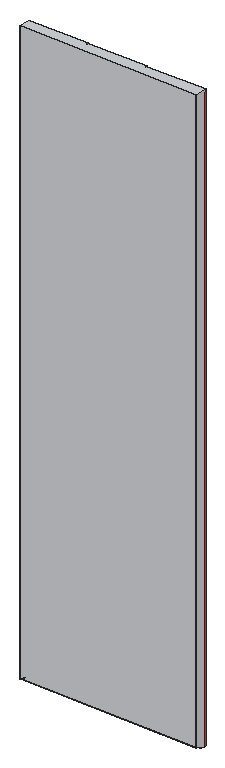
Revit family "GEN_A3-External-Facade-Middle-Panel-01", category Curtain Panels, Revit 2016
Family settings
  OmniClass Number = 23.25.20.14.11.11.17
  OmniClass Title = Infill Panels
  Always vertical = Yes
  Cut with Voids When Loaded = No
  Shared = No
Parameters (values of type "External Facade")
  Panel Thickness = 200 mm
  Panel 1 [instance] = Panel 1
  Fill [instance] = Flex
  Assembly Code = ""
Reference planes
  plane 1 "Center (Front/Back)": y = 0
  plane 2: z = 0
  plane 3 "Center (Left/Right)": x = 0
  plane 4 "Left": x = -1500
  plane 5 "Right": x = 1500
  plane 6 "Top": z = 10000
  plane 7 "face": y = 100
  plane 8: y = -100
  plane 9: x = 500
  plane 10: x = -500
  plane 11: x = 492.5
  plane 12: x = 507.5
  plane 13: x = -492.5
  plane 14: x = -507.5
Forms (mm)
  Extrusion 1, solid
    sketch origin (0, 0, 0) x (0, 1, 0) y (0, 0, 1)
      loop
        line (-100, 10000) -> (-100, 62.859) -> (-87.141, 50) -> (-37, 50) -> (23, 0) -> (90, 0) -> (100, 5) -> (100, 10000) -> (-100, 10000)
    from -1500 to 1500
  Extrusion 2, void
    sketch origin (0, 0, 0) x (1, 0, 0) y (0, 1, 0)
      loop
        line (-1490, -100) -> (-1500, -90) -> (-1500, -100) -> (-1490, -100)
      loop
        line (-1495, 100) -> (-1500, 100) -> (-1500, 85) -> (-1495, 100)
    from 0 to 10000
  Extrusion 3, void
    sketch origin (0, 0, 0) x (1, 0, 0) y (0, 1, 0)
      loop
        line (1490, -100) -> (1500, -100) -> (1500, -90) -> (1490, -100)
      loop
        line (1495, 100) -> (1500, 85) -> (1500, 100) -> (1495, 100)
    from 0 to 10000
  Sweep 4, void
    path origin (0, 100, 0) x (-1, 0, 0) y (0, 0, 1)
      loop
        line (-500, 0) -> (-500, 10000)
    profile "Resess Profile : Resess Profile" origin (500, 100, 5000) x (1, 0, 0) y (0, 1, 0)
      loop
        line (-7.5, 0) -> (-2.5, -15) -> (2.5, -15) -> (7.5, 0) -> (-7.5, 0)
  Sweep 5, void
    path origin (-1000, 100, 0) x (-1, 0, 0) y (0, 0, 1)
      loop
        line (-500, 0) -> (-500, 10000)
    profile "Resess Profile : Resess Profile" origin (-500, 100, 5000) x (1, 0, 0) y (0, 1, 0)
      loop
        line (-7.5, 0) -> (-2.5, -15) -> (2.5, -15) -> (7.5, 0) -> (-7.5, 0)
Cuts and joins
  Extrusion 2, Extrusion 3, Sweep 4, Sweep 5 cuts Extrusion 1
Text (mm)
  text "Exterior" at (-2351.972, 1416.179, 0), in view "Ref. Level"
  text "Exterior" at (0, 2290.741, 4406.713), in view "Left"
  text "Exterior" at (0, 1328.187, 4120.349), in view "Right"
Dimensions and locks
  equal spacing: plane 4 "Left", plane 3 "Center (Left/Right)", plane 5 "Right"
  equal spacing: plane 7 "face", plane 1 "Center (Front/Back)", plane 8
  "Panel Thickness": plane 7 "face" to plane 8
  plane 4 "Left" to plane 5 "Right" = 3000 mm
  plane 2 to plane 6 "Top" = 10000 mm
  equal spacing: plane 4 "Left", plane 10, plane 9, plane 5 "Right"
  plane 11 to plane 9 to plane 12 = 7.5 mm locked, 7.5 mm locked
  plane 14 to plane 10 to plane 13 = 7.5 mm locked, 7.5 mm locked
  aligned and locked: level to plane 2
  aligned and locked: Extrusion 1 sketch curve to plane 8
  aligned and locked: plane 6 "Top" to Extrusion 1 sketch curve
  aligned and locked: Extrusion 1 to plane 5 "Right"
  aligned and locked: plane 4 "Left" to Extrusion 1
  aligned and locked: cut or joined group of Extrusion 1, Extrusion 2, Extrusion 3, Sweep 4, Sweep 5 to plane 6 "Top"  (x2)
  aligned and locked: plane 2 to Sweep 4 sketch curve
  aligned and locked: plane 6 "Top" to Sweep 4 sketch curve
  aligned and locked: plane 9 to Sweep 4 sketch curve
Automatic sketch dimensions
  Sweep 5 sketch curve to plane 6 "Top" = 0 mm
  plane 10 to Sweep 5 sketch curve = 0 mm
  Sweep 5 sketch curve to level = 0 mm
  Extrusion 1 sketch curve to level = 0 mm
  Extrusion 1 sketch curve to plane 7 "face" = 0 mm
  plane 8 to Extrusion 1 sketch curve = 12.859 mm
  plane 1 "Center (Front/Back)" to Extrusion 1 sketch curve = 37 mm
  Extrusion 1 sketch curve to plane 1 "Center (Front/Back)" = 23 mm
  Extrusion 1 sketch curve to Extrusion 1 sketch curve = 67 mm
  level to Extrusion 1 sketch curve = 50 mm
  Extrusion 1 sketch curve to Extrusion 1 sketch curve = 12.859 mm
  level to Extrusion 1 sketch curve = 5 mm
  Extrusion 2 sketch curve to plane 4 "Left" = 0 mm  (x2)
  Extrusion 2 sketch curve to plane 7 "face" = 0 mm
  Extrusion 2 sketch curve to plane 8 = 0 mm
  Extrusion 2 sketch curve to plane 4 "Left" = 5 mm
  Extrusion 2 sketch curve to Extrusion 2 sketch curve = 10 mm  (x2)
  Extrusion 2 sketch curve to Extrusion 2 sketch curve = 15 mm
  Extrusion 3 sketch curve to plane 8 = 0 mm
  Extrusion 3 sketch curve to plane 7 "face" = 0 mm
  Extrusion 3 sketch curve to plane 5 "Right" = 0 mm  (x2)
  Extrusion 3 sketch curve to Extrusion 3 sketch curve = 5 mm
  plane 5 "Right" to Extrusion 3 sketch curve = 10 mm
  plane 8 to Extrusion 3 sketch curve = 10 mm
  Extrusion 3 sketch curve to Extrusion 3 sketch curve = 15 mm
